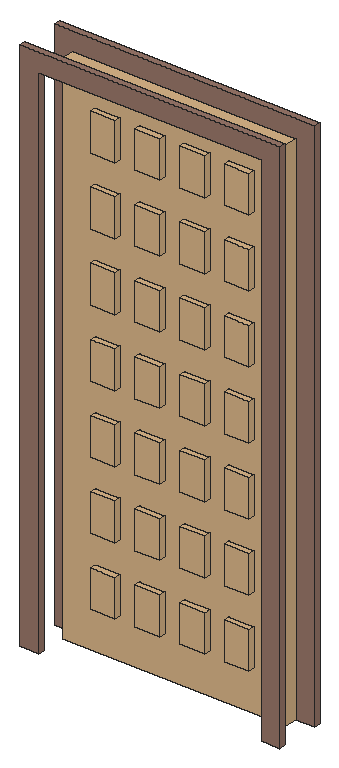
Revit family "Single-Flush", category Doors, host Wall, Revit 2017
Family settings
  Host = Wall
  OmniClass Number = 23.30.10.00
  OmniClass Title = Doors
  Always vertical = Yes
  Cut with Voids When Loaded = No
  Shared = No
  Room Calculation Point = No
Parameters (values of type "36" x 84"")
  Visual Light Transmittance = 0
  Thickness = 0' - 2"
  Thermal Resistance (R) = 1.5338 (h·ft²·°F)/BTU
  Solar Heat Gain Coefficient = 0
  Construction Type Id = "MDOOR"
  Heat Transfer Coefficient (U) = 0.6520 BTU/(h·ft²·°F)
  Function = Interior
  Assembly Code = "C1020"
  Door Material = Door - Panel
  Frame Material = Door - Frame
  Height = 7' - 0"
  Trim Projection Ext = 0' - 1"
  Trim Projection Int = 0' - 1"
  Trim Width = 0' - 3"
  Wall Closure = By host
  Width = 3' - 0"
  Analytic Construction = "Metal"
Types (14): name | Thickness | Door Material | Frame Material | Height | Width
  36" x 84" | 0' - 2" | Door - Panel | Door - Frame | 7' - 0" | 3' - 0"
  36" x 80" | 0' - 2" | Door - Panel | Door - Frame | 6' - 8" | 3' - 0"
  3' - 4"  x 6' - 8" | 0' - 2" | Door - Panel | Door - Frame | 6' - 8" | 3' - 4"
  32" x 80" | 0' - 2" | Door - Panel | Door - Frame | 6' - 8" | 2' - 8"
  3' - 4" x 6' - 8" | 0' - 2" | Door - Panel | Door - Frame | 6' - 8" | 3' - 4"
  35" x 81.5" | 0' - 2" | Door - Panel | Door - Frame | 6' - 9 1/2" | 2' - 11"
  28" x 81.5" | 0' - 2" | Door - Panel | Door - Frame | 6' - 9 1/2" | 2' - 4"
  36" x 96" | 0' - 2" | Door - Panel | Door - Frame | 8' - 0" | 3' - 0"
  24" TP | 0' - 0 3/4" | Door - Panel | Door - Frame | 7' - 0" | 2' - 0"
  32" TP | 0' - 0 3/4" | Door - Panel | Door - Frame | 7' - 0" | 2' - 8"
  32" | 0' - 2" | Door - Panel | Door - Frame | 7' - 0" | 2' - 8"
  26" TP | 0' - 0 3/4" | Door - Panel | Door - Frame | 7' - 0" | 2' - 3"
  27" | 0' - 2" | Door - Panel | Door - Frame | 7' - 0" | 2' - 3"
  42" x 80" | 0' - 2" | Metal Trim | Metal Trim | 6' - 8" | 3' - 6"
Reference planes (in)
  plane 1: y = 0
  plane 2: z = 0
  plane 3: x = 0
  plane 4: x = -18
  plane 5: x = 18
  plane 6: z = 84
Forms (in)
  Extrusion 1, solid, material "Door - Panel" <- "Door Material"
    sketch origin (0, 0, 0) x (1, 0, 0) y (0, 0, 1)
      loop
        line (-18, 84) -> (-18, 0) -> (18, 0) -> (18, 84) -> (-18, 84)
      loop
        line (12.80078, 78.5) -> (8.80078, 78.5) -> (8.80078, 72.5) -> (12.80078, 72.5) -> (12.80078, 78.5)
      loop
        line (5.60156, 78.5) -> (1.60156, 78.5) -> (1.60156, 72.5) -> (5.60156, 72.5) -> (5.60156, 78.5)
      loop
        line (-1.60156, 78.5) -> (-5.60156, 78.5) -> (-5.60156, 72.5) -> (-1.60156, 72.5) -> (-1.60156, 78.5)
      loop
        line (-8.80078, 78.5) -> (-12.80078, 78.5) -> (-12.80078, 72.5) -> (-8.80078, 72.5) -> (-8.80078, 78.5)
      loop
        line (12.80078, 67.5) -> (8.80078, 67.5) -> (8.80078, 61.5) -> (12.80078, 61.5) -> (12.80078, 67.5)
      loop
        line (5.60156, 67.5) -> (1.60156, 67.5) -> (1.60156, 61.5) -> (5.60156, 61.5) -> (5.60156, 67.5)
      loop
        line (-1.60156, 67.5) -> (-5.60156, 67.5) -> (-5.60156, 61.5) -> (-1.60156, 61.5) -> (-1.60156, 67.5)
      loop
        line (-8.80078, 67.5) -> (-12.80078, 67.5) -> (-12.80078, 61.5) -> (-8.80078, 61.5) -> (-8.80078, 67.5)
      loop
        line (12.80078, 56.5) -> (8.80078, 56.5) -> (8.80078, 50.5) -> (12.80078, 50.5) -> (12.80078, 56.5)
      loop
        line (5.60156, 56.5) -> (1.60156, 56.5) -> (1.60156, 50.5) -> (5.60156, 50.5) -> (5.60156, 56.5)
      loop
        line (-1.60156, 56.5) -> (-5.60156, 56.5) -> (-5.60156, 50.5) -> (-1.60156, 50.5) -> (-1.60156, 56.5)
      loop
        line (-8.80078, 56.5) -> (-12.80078, 56.5) -> (-12.80078, 50.5) -> (-8.80078, 50.5) -> (-8.80078, 56.5)
      loop
        line (12.80078, 45.5) -> (8.80078, 45.5) -> (8.80078, 39.5) -> (12.80078, 39.5) -> (12.80078, 45.5)
      loop
        line (5.60156, 45.5) -> (1.60156, 45.5) -> (1.60156, 39.5) -> (5.60156, 39.5) -> (5.60156, 45.5)
      loop
        line (-1.60156, 45.5) -> (-5.60156, 45.5) -> (-5.60156, 39.5) -> (-1.60156, 39.5) -> (-1.60156, 45.5)
      loop
        line (-8.80078, 45.5) -> (-12.80078, 45.5) -> (-12.80078, 39.5) -> (-8.80078, 39.5) -> (-8.80078, 45.5)
      loop
        line (12.80078, 34.5) -> (8.80078, 34.5) -> (8.80078, 28.5) -> (12.80078, 28.5) -> (12.80078, 34.5)
      loop
        line (5.60156, 34.5) -> (1.60156, 34.5) -> (1.60156, 28.5) -> (5.60156, 28.5) -> (5.60156, 34.5)
      loop
        line (-1.60156, 34.5) -> (-5.60156, 34.5) -> (-5.60156, 28.5) -> (-1.60156, 28.5) -> (-1.60156, 34.5)
      loop
        line (-8.80078, 34.5) -> (-12.80078, 34.5) -> (-12.80078, 28.5) -> (-8.80078, 28.5) -> (-8.80078, 34.5)
      loop
        line (12.80078, 23.5) -> (8.80078, 23.5) -> (8.80078, 17.5) -> (12.80078, 17.5) -> (12.80078, 23.5)
      loop
        line (5.60156, 23.5) -> (1.60156, 23.5) -> (1.60156, 17.5) -> (5.60156, 17.5) -> (5.60156, 23.5)
      loop
        line (-1.60156, 23.5) -> (-5.60156, 23.5) -> (-5.60156, 17.5) -> (-1.60156, 17.5) -> (-1.60156, 23.5)
      loop
        line (-8.80078, 23.5) -> (-12.80078, 23.5) -> (-12.80078, 17.5) -> (-8.80078, 17.5) -> (-8.80078, 23.5)
      loop
        line (12.80078, 12.5) -> (8.80078, 12.5) -> (8.80078, 6.5) -> (12.80078, 6.5) -> (12.80078, 12.5)
      loop
        line (5.60156, 12.5) -> (1.60156, 12.5) -> (1.60156, 6.5) -> (5.60156, 6.5) -> (5.60156, 12.5)
      loop
        line (-1.60156, 12.5) -> (-5.60156, 12.5) -> (-5.60156, 6.5) -> (-1.60156, 6.5) -> (-1.60156, 12.5)
      loop
        line (-8.80078, 12.5) -> (-12.80078, 12.5) -> (-12.80078, 6.5) -> (-8.80078, 6.5) -> (-8.80078, 12.5)
    from -3 to -1
  Extrusion 2, solid, material "Door - Frame" <- "Frame Material"
    sketch origin (-60, -3, 0) x (1, 0, 0) y (0, 0, 1)
      loop
        line (39, 87) -> (39, 0) -> (42, 0) -> (42, 84) -> (78, 84) -> (78, 0) -> (81, 0) -> (81, 87) -> (39, 87)
    from 0 to 1
  Extrusion 3, solid, material "Door - Frame" <- "Frame Material"
    sketch origin (-60, 3, 0) x (-1, 0, 0) y (0, 0, 1)
      loop
        line (-81, 87) -> (-81, 0) -> (-78, 0) -> (-78, 84) -> (-42, 84) -> (-42, 0) -> (-39, 0) -> (-39, 87) -> (-81, 87)
    from 0 to 1
  Extrusion 4, solid, material "Door - Panel" <- "Door Material"
    sketch origin (0, 0, 0) x (1, 0, 0) y (0, 0, 1)
      loop
        line (12.80078, 78.5) -> (8.80078, 78.5) -> (8.80078, 72.5) -> (12.80078, 72.5) -> (12.80078, 78.5)
      loop
        line (5.60156, 78.5) -> (1.60156, 78.5) -> (1.60156, 72.5) -> (5.60156, 72.5) -> (5.60156, 78.5)
      loop
        line (-1.60156, 78.5) -> (-5.60156, 78.5) -> (-5.60156, 72.5) -> (-1.60156, 72.5) -> (-1.60156, 78.5)
      loop
        line (-8.80078, 78.5) -> (-12.80078, 78.5) -> (-12.80078, 72.5) -> (-8.80078, 72.5) -> (-8.80078, 78.5)
      loop
        line (12.80078, 67.5) -> (8.80078, 67.5) -> (8.80078, 61.5) -> (12.80078, 61.5) -> (12.80078, 67.5)
      loop
        line (5.60156, 67.5) -> (1.60156, 67.5) -> (1.60156, 61.5) -> (5.60156, 61.5) -> (5.60156, 67.5)
      loop
        line (-1.60156, 67.5) -> (-5.60156, 67.5) -> (-5.60156, 61.5) -> (-1.60156, 61.5) -> (-1.60156, 67.5)
      loop
        line (-8.80078, 67.5) -> (-12.80078, 67.5) -> (-12.80078, 61.5) -> (-8.80078, 61.5) -> (-8.80078, 67.5)
      loop
        line (12.80078, 56.5) -> (8.80078, 56.5) -> (8.80078, 50.5) -> (12.80078, 50.5) -> (12.80078, 56.5)
      loop
        line (5.60156, 56.5) -> (1.60156, 56.5) -> (1.60156, 50.5) -> (5.60156, 50.5) -> (5.60156, 56.5)
      loop
        line (-1.60156, 56.5) -> (-5.60156, 56.5) -> (-5.60156, 50.5) -> (-1.60156, 50.5) -> (-1.60156, 56.5)
      loop
        line (-8.80078, 56.5) -> (-12.80078, 56.5) -> (-12.80078, 50.5) -> (-8.80078, 50.5) -> (-8.80078, 56.5)
      loop
        line (12.80078, 45.5) -> (8.80078, 45.5) -> (8.80078, 39.5) -> (12.80078, 39.5) -> (12.80078, 45.5)
      loop
        line (5.60156, 45.5) -> (1.60156, 45.5) -> (1.60156, 39.5) -> (5.60156, 39.5) -> (5.60156, 45.5)
      loop
        line (-1.60156, 45.5) -> (-5.60156, 45.5) -> (-5.60156, 39.5) -> (-1.60156, 39.5) -> (-1.60156, 45.5)
      loop
        line (-8.80078, 45.5) -> (-12.80078, 45.5) -> (-12.80078, 39.5) -> (-8.80078, 39.5) -> (-8.80078, 45.5)
      loop
        line (12.80078, 34.5) -> (8.80078, 34.5) -> (8.80078, 28.5) -> (12.80078, 28.5) -> (12.80078, 34.5)
      loop
        line (5.60156, 34.5) -> (1.60156, 34.5) -> (1.60156, 28.5) -> (5.60156, 28.5) -> (5.60156, 34.5)
      loop
        line (-1.60156, 34.5) -> (-5.60156, 34.5) -> (-5.60156, 28.5) -> (-1.60156, 28.5) -> (-1.60156, 34.5)
      loop
        line (-8.80078, 34.5) -> (-12.80078, 34.5) -> (-12.80078, 28.5) -> (-8.80078, 28.5) -> (-8.80078, 34.5)
      loop
        line (12.80078, 23.5) -> (8.80078, 23.5) -> (8.80078, 17.5) -> (12.80078, 17.5) -> (12.80078, 23.5)
      loop
        line (5.60156, 23.5) -> (1.60156, 23.5) -> (1.60156, 17.5) -> (5.60156, 17.5) -> (5.60156, 23.5)
      loop
        line (-1.60156, 23.5) -> (-5.60156, 23.5) -> (-5.60156, 17.5) -> (-1.60156, 17.5) -> (-1.60156, 23.5)
      loop
        line (-8.80078, 23.5) -> (-12.80078, 23.5) -> (-12.80078, 17.5) -> (-8.80078, 17.5) -> (-8.80078, 23.5)
      loop
        line (12.80078, 12.5) -> (8.80078, 12.5) -> (8.80078, 6.5) -> (12.80078, 6.5) -> (12.80078, 12.5)
      loop
        line (5.60156, 12.5) -> (1.60156, 12.5) -> (1.60156, 6.5) -> (5.60156, 6.5) -> (5.60156, 12.5)
      loop
        line (-1.60156, 12.5) -> (-5.60156, 12.5) -> (-5.60156, 6.5) -> (-1.60156, 6.5) -> (-1.60156, 12.5)
      loop
        line (-8.80078, 12.5) -> (-12.80078, 12.5) -> (-12.80078, 6.5) -> (-8.80078, 6.5) -> (-8.80078, 12.5)
    from -4 to 0
Lines and regions (in)
  Opening 1
    outline origin (-60, -3, 144) x (0, 0, -1) y (1, 0, 0)
      loop
        line (60, 42) -> (144, 42) -> (144, 78) -> (60, 78) -> (60, 42)
  symbolic lines, style "DoorsPanelProjection"
    curve 1: line (18, 3, 0) -> (16, 3, 0)
    curve 2: line (18, 3, 0) -> (18, 39.0111, 0)
    curve 3: line (18, 39.0111, 0) -> (16, 39.0111, 0)
    curve 4: line (16, 3, 0) -> (16, 39.0111, 0)
  model lines, style "DoorsFrameMullionProjection"
    curve 5: line (-21, -3, 0) -> (-21, -3, 87)
    curve 6: line (-21, -3, 87) -> (21, -3, 87)
    curve 7: line (21, -3, 87) -> (21, -3, 0)
    curve 8: line (21, 3, 0) -> (21, 3, 87)
    curve 9: line (-21, 3, 87) -> (21, 3, 87)
    curve 10: line (-21, 3, 87) -> (-21, 3, 0)
  symbolic lines, style "Plan Swing"
    curve 11: arc (16, 39.0111, 0) -> (-8.2005, 27.78574, 0) -> (-18.06659, 3, 0) r 36.06659
  symbolic lines, style "Elevation Swing"
    curve 12: line (-18, 0, 84) -> (18, 0, 42)
    curve 13: line (-18, 0, 0) -> (18, 0, 42)
Dimensions and locks (in)
  equal spacing: plane 4, plane 3, plane 5
  "Width": plane 4 to plane 5
  locked: host wall to curve 1
  control icon elem to plane 5 = 0' - 10.29952"
  "Height": plane 6 to plane 2
  "Trim Width": plane 4 to curve 5
  "Trim Width": plane 5 to curve 7
  "Trim Width": plane 6 to curve 6
  locked: curve 9 to host wall
  "Trim Projection Ext": Extrusion 3 to host wall
  "Trim Projection Int": Extrusion 2 to host wall
  "Thickness": curve 4 to plane 5
  "Thickness": Extrusion 1 to host wall
  equal spacing: plane 6, curve 13, level
  Extrusion 1 sketch curve to Extrusion 3 = 0' - 9 51/256"
  aligned and locked: host wall to Extrusion 1
  aligned and locked: plane 2 to curve 5
  aligned and locked: curve 7 to level
  aligned and locked: curve 8 to curve 7
  aligned and locked: curve 6 to Extrusion 2 sketch curve
  aligned and locked: Extrusion 2 sketch curve to curve 5
  aligned and locked: Extrusion 2 sketch curve to curve 7
  aligned and locked: Extrusion 2 to Extrusion 3 sketch curve
  aligned and locked: Extrusion 3 sketch curve to Extrusion 2  (x2)
  aligned and locked: Extrusion 4 sketch curve to Extrusion 1  (x112)
Automatic sketch dimensions
  Opening 1 sketch curve to plane 6 = 0' - 0"
  Opening 1 sketch curve to level = 0' - 0"
  Opening 1 sketch curve to plane 4 = 0' - 0"
  Opening 1 sketch curve to plane 5 = 0' - 0"
  Extrusion 2 sketch curve to level = 0' - 0"  (x2)
  Extrusion 2 sketch curve to plane 4 = 0' - 0"
  Extrusion 2 sketch curve to plane 5 = 0' - 0"
  Extrusion 2 sketch curve to plane 6 = 0' - 0"
  Extrusion 3 sketch curve to level = 0' - 0"  (x2)
  Extrusion 3 sketch curve to plane 5 = 0' - 0"
  Extrusion 3 sketch curve to plane 4 = 0' - 0"
  Extrusion 3 sketch curve to plane 6 = 0' - 0"
  curve 12 to plane 4 = 0' - 0"
  curve 12 to plane 6 = 0' - 0"
  curve 13 to plane 5 = 0' - 0"
  curve 8 to level = 0' - 0"
  curve 13 to level = 0' - 0"
  curve 10 to level = 0' - 0"
  curve 13 to plane 4 = 0' - 0"
  curve 9 to curve 5 = 0' - 0"
  curve 10 to curve 5 = 0' - 0"
  curve 11 to host wall = 0' - 0"
  curve 2 to plane 5 = 0' - 0"
  curve 11 to plane 5 = 0' - 0"
  host wall to curve 4 = 3' - 0.0111"
  plane 4 to Extrusion 1 sketch curve = 0' - 0"
  Extrusion 1 sketch curve to level = 0' - 0"
  plane 5 to Extrusion 1 sketch curve = 0' - 0"
  Extrusion 1 sketch curve to plane 4 = 0' - 5 51/256"  (x2)
  Extrusion 1 sketch curve to Extrusion 1 sketch curve = 0' - 0"  (x35)
  Extrusion 1 sketch curve to Extrusion 1 sketch curve = 0' - 4"  (x20)
  Extrusion 1 sketch curve to Extrusion 1 sketch curve = 0' - 3 51/256"  (x14)
  Extrusion 1 sketch curve to plane 3 = 0' - 1 77/128"  (x7)
  plane 3 to Extrusion 1 sketch curve = 0' - 1 77/128"  (x7)
  level to Extrusion 1 sketch curve = 0' - 6 1/2"  (x2)
  Extrusion 1 sketch curve to Extrusion 1 sketch curve = 0' - 6"  (x10)
  Extrusion 1 sketch curve to Extrusion 1 sketch curve = 0' - 5"  (x12)
  plane 6 to Extrusion 1 sketch curve = 0' - 5 1/2"  (x2)
  Extrusion 1 sketch curve to plane 6 = 0' - 0"
